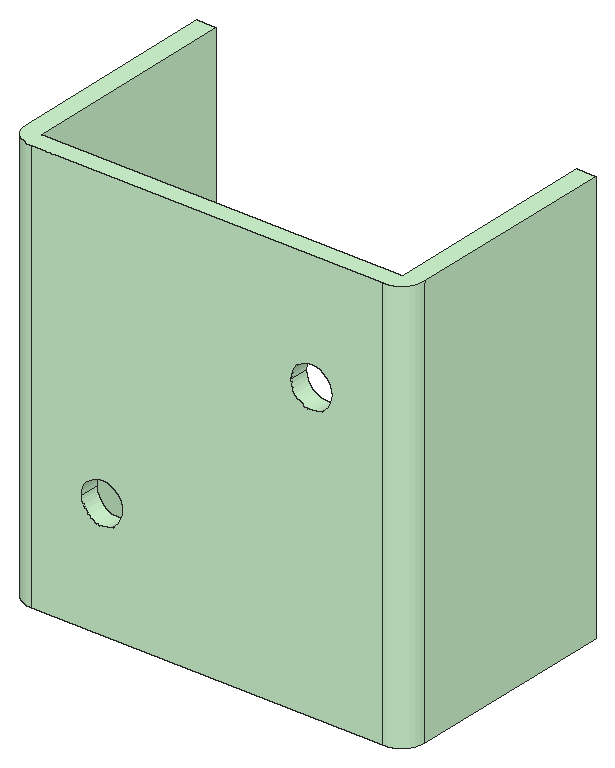
Revit family "直吊りクロス", category 機械設備, Revit 2020
Family settings
  丸型コネクタ寸法 = 直径を使用
  種別 = なし
  パーツ タイプ = 標準
  作業面ベース = いいえ
  常に垂直 = はい
  ロード時にボイドで切り取り = いいえ
  共有 = いいえ
  部屋計算ポイント = いいえ
Parameters
  製造元 = "株式会社桐井製作所"
  既定の高さ = 0 mm
  URL = "https://www.kirii.co.jp/"
  K_材質 = "溶融亜鉛めっき鋼板及び鋼帯 SGCC 一般用"
  K_品名 = "直吊りクロス"
  K_名称 = "ブレース下部金具"
  K_入数 = "500"
  K_バージョン情報 = "20220411"
  K_めっき付着量 = "Z12"
  K_JIS規格 = "JIS G 3302"
Reference planes
  plane 1 "中心(正面/背面)": y = 0
  plane 2: z = 0
  plane 3 "中心(左/右)": x = 0
Forms (mm)
  Extrusion 1, solid
    sketch origin (0, 0, 0) x (1, 0, 0) y (0, 1, 0)
      loop
        line (-15.25, 1.6) -> (-15.25, 20) -> (-16.85, 20) -> (-16.85, 2)
        arc (-16.85, 2) -> (-16.264, 0.586) -> (-14.85, 0) r 2
        line (-14.85, 0) -> (14.85, 0)
        arc (14.85, 0) -> (16.264, 0.586) -> (16.85, 2) r 2
        line (16.85, 2) -> (16.85, 20) -> (15.25, 20) -> (15.25, 1.6) -> (-15.25, 1.6)
    from 0 to 35
  Extrusion 2, void
    sketch origin (0, 0, 0) x (1, 0, 0) y (0, 0, 1)
      loop
        circle (-8.85, 10) r 1.75
      loop
        circle (8.85, 25) r 1.75
    from -1.6 to 0
Cuts and joins
  Extrusion 2 cuts Extrusion 1
Dimensions and locks
  aligned and locked: level to plane 2
